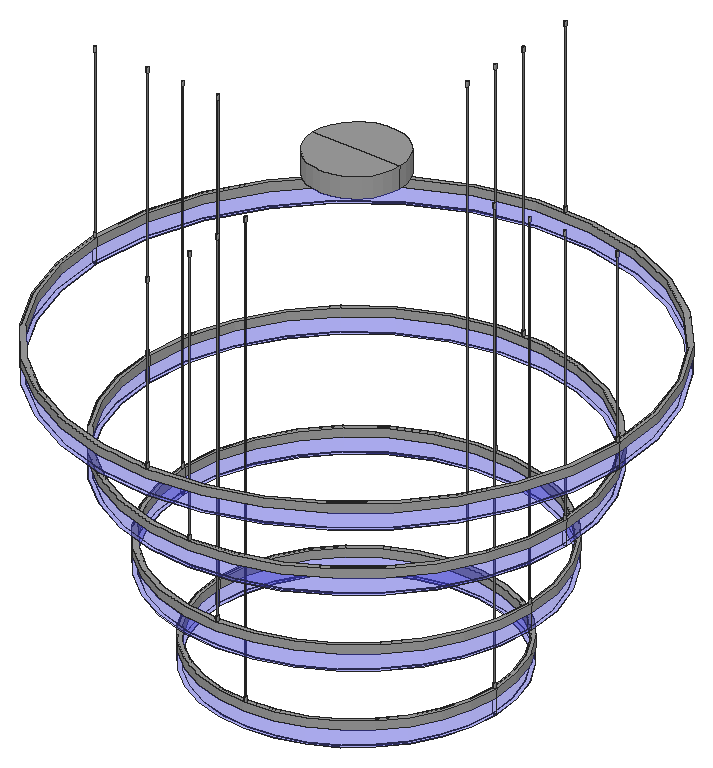
Revit family "Alcon-12272-4-32-40-48-60-Revit-Family", category Generic Models, host Ceiling, Revit 2025
Family settings
  Host = Ceiling
  Can host rebar = No
  Round Connector Dimension = Use Diameter
  Part Type = Normal
  Always vertical = Yes
  Cut with Voids When Loaded = No
  Maintain Annotation Orientation = No
  Shared = No
  Room Calculation Point = No
Parameters
  URL = "https://www.alconlighting.com/?srsltid=AfmBOooDPhGQ0dEP-X2PMtxFfvvWpIAEL4jCll_O2F4_to5onvhnBomy"
  Product Page = "https://www.alconlighting.com/redondo-12272-4.html"
  Model = "12272-4"
  Manufacturer = "Alcon Lighting"
  Lens = Glass
  Housing = Default
  Default Elevation = 0' - 0"
Reference planes (in)
  plane 1 "Center (Front/Back)": y = 0
  plane 2 "Ceiling": z = 96
  plane 3 "Center (Left/Right)": x = 0
Forms (in)
  Revolve 1, solid, material "Default" <- "Housing"
    sketch origin (0, 0, 0) x (1, 0, 0) y (0, 0, 1)
      loop
        line (0, 96) -> (0, 93.75) -> (5, 93.75) -> (5, 96) -> (0, 96)
      axis (0, 96) -> (0, 93.75)
    angle from 0 to 360
  Revolve 2, solid, material "Default" <- "Housing"
    sketch origin (0, 0, -10.03125) x (1, 0, 0) y (0, 0, 1)
      loop
        line (19.5, 66.65) -> (19.5, 65.72813) -> (19.5625, 65.72813) -> (19.5625, 66.5875) -> (19.9375, 66.5875) -> (19.9375, 65.72813) -> (20, 65.72813) -> (20, 66.65) -> (19.5, 66.65)
      axis (0, 65.72813) -> (0, 66.65)
    angle from 0 to 360
  Revolve 3, solid, material "Glass" <- "Lens"
    sketch origin (0, 0, -10.03125) x (1, 0, 0) y (0, 0, 1)
      loop
        line (19.5, 63.89) -> (20, 63.89) -> (20, 65.72813) -> (19.96875, 65.72813) -> (19.96875, 63.92125) -> (19.53125, 63.92125) -> (19.53125, 65.72813) -> (19.5, 65.72813) -> (19.5, 63.89)
      axis (0, 63.89) -> (0, 65.72813)
    angle from 0 to 360
  Revolve 4, solid, material "Default" <- "Housing"
    sketch origin (0, -32.29728, -10.03125) x (0, 1, 0) y (0, 0, 1)
      loop
        line (12.55011, 66.65) -> (12.67511, 66.65) -> (12.67511, 67.1208) -> (12.55011, 67.1208) -> (12.55011, 66.65)
      axis (12.55011, 67.1208) -> (12.55011, 66.65)
    angle from 0 to 360
  Extrusion 5, solid, material "Default" <- "Housing"
    sketch origin (0, -19.74728, 92.90344) x (0, 1, 0) y (1, 0, 0)
      loop
        circle (0, 0) r 0.04922
    from -2.62576 to 35.8139
  Revolve 6, solid, material "Default" <- "Housing"
    sketch origin (0, -32.29728, 28.8792) x (0, 1, 0) y (0, 0, 1)
      loop
        line (12.55011, 66.65) -> (12.67511, 66.65) -> (12.67511, 67.1208) -> (12.55011, 67.1208) -> (12.55011, 66.65)
      axis (12.55011, 67.1208) -> (12.55011, 66.65)
    angle from 0 to 360
  Revolve 7, solid, material "Default" <- "Housing"
    sketch origin (0, 7.19587, -10.03125) x (0, 1, 0) y (0, 0, 1)
      loop
        line (12.55011, 66.65) -> (12.67511, 66.65) -> (12.67511, 67.1208) -> (12.55011, 67.1208) -> (12.55011, 66.65)
      axis (12.55011, 67.1208) -> (12.55011, 66.65)
    angle from 0 to 360
  Extrusion 8, solid, material "Default" <- "Housing"
    sketch origin (0, 19.74587, 92.90344) x (0, 1, 0) y (1, 0, 0)
      loop
        circle (0, 0) r 0.04922
    from -2.62576 to 35.8139
  Revolve 9, solid, material "Default" <- "Housing"
    sketch origin (0, 7.19587, 28.8792) x (0, 1, 0) y (0, 0, 1)
      loop
        line (12.55011, 66.65) -> (12.67511, 66.65) -> (12.67511, 67.1208) -> (12.55011, 67.1208) -> (12.55011, 66.65)
      axis (12.55011, 67.1208) -> (12.55011, 66.65)
    angle from 0 to 360
  Revolve 10, solid, material "Default" <- "Housing"
    sketch origin (19.73156, -12.55011, -10.03125) x (0, 1, 0) y (0, 0, 1)
      loop
        line (12.55011, 66.65) -> (12.67511, 66.65) -> (12.67511, 67.1208) -> (12.55011, 67.1208) -> (12.55011, 66.65)
      axis (12.55011, 67.1208) -> (12.55011, 66.65)
    angle from 0 to 360
  Extrusion 11, solid, material "Default" <- "Housing"
    sketch origin (19.73156, -0.00011, 92.90344) x (0, 1, 0) y (1, 0, 0)
      loop
        circle (0, 0) r 0.04922
    from -2.62576 to 35.8139
  Revolve 12, solid, material "Default" <- "Housing"
    sketch origin (19.73156, -12.55011, 28.8792) x (0, 1, 0) y (0, 0, 1)
      loop
        line (12.55011, 66.65) -> (12.67511, 66.65) -> (12.67511, 67.1208) -> (12.55011, 67.1208) -> (12.55011, 66.65)
      axis (12.55011, 67.1208) -> (12.55011, 66.65)
    angle from 0 to 360
  Revolve 13, solid, material "Default" <- "Housing"
    sketch origin (-19.7654, -12.55011, -10.03125) x (0, 1, 0) y (0, 0, 1)
      loop
        line (12.55011, 66.65) -> (12.67511, 66.65) -> (12.67511, 67.1208) -> (12.55011, 67.1208) -> (12.55011, 66.65)
      axis (12.55011, 67.1208) -> (12.55011, 66.65)
    angle from 0 to 360
  Extrusion 14, solid, material "Default" <- "Housing"
    sketch origin (-19.7654, -0.00011, 92.90344) x (0, 1, 0) y (1, 0, 0)
      loop
        circle (0, 0) r 0.04922
    from -2.62576 to 35.8139
  Revolve 15, solid, material "Default" <- "Housing"
    sketch origin (-19.7654, -12.55011, 28.8792) x (0, 1, 0) y (0, 0, 1)
      loop
        line (12.55011, 66.65) -> (12.67511, 66.65) -> (12.67511, 67.1208) -> (12.55011, 67.1208) -> (12.55011, 66.65)
      axis (12.55011, 67.1208) -> (12.55011, 66.65)
    angle from 0 to 360
  Revolve 16, solid, material "Default" <- "Housing"
    sketch origin (0, 0, -0.03125) x (1, 0, 0) y (0, 0, 1)
      loop
        line (23.5, 66.65) -> (23.5, 65.72813) -> (23.5625, 65.72813) -> (23.5625, 66.5875) -> (23.9375, 66.5875) -> (23.9375, 65.72813) -> (24, 65.72813) -> (24, 66.65) -> (23.5, 66.65)
      axis (0, 65.72813) -> (0, 66.65)
    angle from 0 to 360
  Revolve 17, solid, material "Glass" <- "Lens"
    sketch origin (0, 0, -0.03125) x (1, 0, 0) y (0, 0, 1)
      loop
        line (23.5, 63.89) -> (24, 63.89) -> (24, 65.72813) -> (23.96875, 65.72813) -> (23.96875, 63.92125) -> (23.53125, 63.92125) -> (23.53125, 65.72813) -> (23.5, 65.72813) -> (23.5, 63.89)
      axis (0, 63.89) -> (0, 65.72813)
    angle from 0 to 360
  Revolve 18, solid, material "Default" <- "Housing"
    sketch origin (-23.7654, -12.55011, -0.03125) x (0, 1, 0) y (0, 0, 1)
      loop
        line (12.55011, 66.65) -> (12.67511, 66.65) -> (12.67511, 67.1208) -> (12.55011, 67.1208) -> (12.55011, 66.65)
      axis (12.55011, 67.1208) -> (12.55011, 66.65)
    angle from 0 to 360
  Extrusion 19, solid, material "Default" <- "Housing"
    sketch origin (-23.7654, -0.00011, 102.90344) x (0, 1, 0) y (1, 0, 0)
      loop
        circle (0, 0) r 0.04922
    from 7.37424 to 35.8139
  Revolve 20, solid, material "Default" <- "Housing"
    sketch origin (-23.7654, -12.55011, 28.8792) x (0, 1, 0) y (0, 0, 1)
      loop
        line (12.55011, 66.65) -> (12.67511, 66.65) -> (12.67511, 67.1208) -> (12.55011, 67.1208) -> (12.55011, 66.65)
      axis (12.55011, 67.1208) -> (12.55011, 66.65)
    angle from 0 to 360
  Revolve 21, solid, material "Default" <- "Housing"
    sketch origin (-19.7654, -12.55011, -10.03125) x (0, 1, 0) y (0, 0, 1)
      loop
        line (12.55011, 66.65) -> (12.67511, 66.65) -> (12.67511, 67.1208) -> (12.55011, 67.1208) -> (12.55011, 66.65)
      axis (12.55011, 67.1208) -> (12.55011, 66.65)
    angle from 0 to 360
  Extrusion 22, solid, material "Default" <- "Housing"
    sketch origin (-19.7654, -0.00011, 92.90344) x (0, 1, 0) y (1, 0, 0)
      loop
        circle (0, 0) r 0.04922
    from -2.62576 to 35.8139
  Revolve 23, solid, material "Default" <- "Housing"
    sketch origin (-19.7654, -12.55011, 28.8792) x (0, 1, 0) y (0, 0, 1)
      loop
        line (12.55011, 66.65) -> (12.67511, 66.65) -> (12.67511, 67.1208) -> (12.55011, 67.1208) -> (12.55011, 66.65)
      axis (12.55011, 67.1208) -> (12.55011, 66.65)
    angle from 0 to 360
  Revolve 24, solid, material "Default" <- "Housing"
    sketch origin (23.7346, -12.55011, -0.03125) x (0, 1, 0) y (0, 0, 1)
      loop
        line (12.55011, 66.65) -> (12.67511, 66.65) -> (12.67511, 67.1208) -> (12.55011, 67.1208) -> (12.55011, 66.65)
      axis (12.55011, 67.1208) -> (12.55011, 66.65)
    angle from 0 to 360
  Extrusion 25, solid, material "Default" <- "Housing"
    sketch origin (23.7346, -0.00011, 102.90344) x (0, 1, 0) y (1, 0, 0)
      loop
        circle (0, 0) r 0.04922
    from 7.37424 to 35.8139
  Revolve 26, solid, material "Default" <- "Housing"
    sketch origin (23.7346, -12.55011, 28.8792) x (0, 1, 0) y (0, 0, 1)
      loop
        line (12.55011, 66.65) -> (12.67511, 66.65) -> (12.67511, 67.1208) -> (12.55011, 67.1208) -> (12.55011, 66.65)
      axis (12.55011, 67.1208) -> (12.55011, 66.65)
    angle from 0 to 360
  Revolve 27, solid, material "Default" <- "Housing"
    sketch origin (0, 11.19989, -0.03125) x (0, 1, 0) y (0, 0, 1)
      loop
        line (12.55011, 66.65) -> (12.67511, 66.65) -> (12.67511, 67.1208) -> (12.55011, 67.1208) -> (12.55011, 66.65)
      axis (12.55011, 67.1208) -> (12.55011, 66.65)
    angle from 0 to 360
  Extrusion 28, solid, material "Default" <- "Housing"
    sketch origin (0, 23.74989, 102.90344) x (0, 1, 0) y (1, 0, 0)
      loop
        circle (0, 0) r 0.04922
    from 7.37424 to 35.8139
  Revolve 29, solid, material "Default" <- "Housing"
    sketch origin (0, 11.19989, 28.8792) x (0, 1, 0) y (0, 0, 1)
      loop
        line (12.55011, 66.65) -> (12.67511, 66.65) -> (12.67511, 67.1208) -> (12.55011, 67.1208) -> (12.55011, 66.65)
      axis (12.55011, 67.1208) -> (12.55011, 66.65)
    angle from 0 to 360
  Revolve 30, solid, material "Default" <- "Housing"
    sketch origin (0, -36.30011, -0.03125) x (0, 1, 0) y (0, 0, 1)
      loop
        line (12.55011, 66.65) -> (12.67511, 66.65) -> (12.67511, 67.1208) -> (12.55011, 67.1208) -> (12.55011, 66.65)
      axis (12.55011, 67.1208) -> (12.55011, 66.65)
    angle from 0 to 360
  Extrusion 31, solid, material "Default" <- "Housing"
    sketch origin (0, -23.75011, 102.90344) x (0, 1, 0) y (1, 0, 0)
      loop
        circle (0, 0) r 0.04922
    from 7.37424 to 35.8139
  Revolve 32, solid, material "Default" <- "Housing"
    sketch origin (0, -36.30011, 28.8792) x (0, 1, 0) y (0, 0, 1)
      loop
        line (12.55011, 66.65) -> (12.67511, 66.65) -> (12.67511, 67.1208) -> (12.55011, 67.1208) -> (12.55011, 66.65)
      axis (12.55011, 67.1208) -> (12.55011, 66.65)
    angle from 0 to 360
  Revolve 33, solid, material "Default" <- "Housing"
    sketch origin (0, 0, -20.03125) x (1, 0, 0) y (0, 0, 1)
      loop
        line (15.5, 66.65) -> (15.5, 65.72813) -> (15.5625, 65.72813) -> (15.5625, 66.5875) -> (15.9375, 66.5875) -> (15.9375, 65.72813) -> (16, 65.72813) -> (16, 66.65) -> (15.5, 66.65)
      axis (0, 65.72813) -> (0, 66.65)
    angle from 0 to 360
  Revolve 34, solid, material "Glass" <- "Lens"
    sketch origin (0, 0, -20.03125) x (1, 0, 0) y (0, 0, 1)
      loop
        line (15.5, 63.89) -> (16, 63.89) -> (16, 65.72813) -> (15.96875, 65.72813) -> (15.96875, 63.92125) -> (15.53125, 63.92125) -> (15.53125, 65.72813) -> (15.5, 65.72813) -> (15.5, 63.89)
      axis (0, 63.89) -> (0, 65.72813)
    angle from 0 to 360
  Revolve 35, solid, material "Default" <- "Housing"
    sketch origin (15.73156, -12.55011, -20.03125) x (0, 1, 0) y (0, 0, 1)
      loop
        line (12.55011, 66.65) -> (12.67511, 66.65) -> (12.67511, 67.1208) -> (12.55011, 67.1208) -> (12.55011, 66.65)
      axis (12.55011, 67.1208) -> (12.55011, 66.65)
    angle from 0 to 360
  Extrusion 36, solid, material "Default" <- "Housing"
    sketch origin (15.73156, -0.00011, 92.90344) x (0, 1, 0) y (1, 0, 0)
      loop
        circle (0, 0) r 0.04922
    from -2.62576 to 45.8139
  Revolve 37, solid, material "Default" <- "Housing"
    sketch origin (15.73156, -12.55011, 28.8792) x (0, 1, 0) y (0, 0, 1)
      loop
        line (12.55011, 66.65) -> (12.67511, 66.65) -> (12.67511, 67.1208) -> (12.55011, 67.1208) -> (12.55011, 66.65)
      axis (12.55011, 67.1208) -> (12.55011, 66.65)
    angle from 0 to 360
  Revolve 38, solid, material "Default" <- "Housing"
    sketch origin (-15.76844, -12.55011, -20.03125) x (0, 1, 0) y (0, 0, 1)
      loop
        line (12.55011, 66.65) -> (12.67511, 66.65) -> (12.67511, 67.1208) -> (12.55011, 67.1208) -> (12.55011, 66.65)
      axis (12.55011, 67.1208) -> (12.55011, 66.65)
    angle from 0 to 360
  Extrusion 39, solid, material "Default" <- "Housing"
    sketch origin (-15.76844, -0.00011, 92.90344) x (0, 1, 0) y (1, 0, 0)
      loop
        circle (0, 0) r 0.04922
    from -2.62576 to 45.8139
  Revolve 40, solid, material "Default" <- "Housing"
    sketch origin (-15.76844, -12.55011, 28.8792) x (0, 1, 0) y (0, 0, 1)
      loop
        line (12.55011, 66.65) -> (12.67511, 66.65) -> (12.67511, 67.1208) -> (12.55011, 67.1208) -> (12.55011, 66.65)
      axis (12.55011, 67.1208) -> (12.55011, 66.65)
    angle from 0 to 360
  Revolve 41, solid, material "Default" <- "Housing"
    sketch origin (0, 3.19989, -20.03125) x (0, 1, 0) y (0, 0, 1)
      loop
        line (12.55011, 66.65) -> (12.67511, 66.65) -> (12.67511, 67.1208) -> (12.55011, 67.1208) -> (12.55011, 66.65)
      axis (12.55011, 67.1208) -> (12.55011, 66.65)
    angle from 0 to 360
  Extrusion 42, solid, material "Default" <- "Housing"
    sketch origin (0, 15.74989, 92.90344) x (0, 1, 0) y (1, 0, 0)
      loop
        circle (0, 0) r 0.04922
    from -2.62576 to 45.8139
  Revolve 43, solid, material "Default" <- "Housing"
    sketch origin (0, 3.19989, 28.8792) x (0, 1, 0) y (0, 0, 1)
      loop
        line (12.55011, 66.65) -> (12.67511, 66.65) -> (12.67511, 67.1208) -> (12.55011, 67.1208) -> (12.55011, 66.65)
      axis (12.55011, 67.1208) -> (12.55011, 66.65)
    angle from 0 to 360
  Revolve 44, solid, material "Default" <- "Housing"
    sketch origin (0, -28.30011, -20.03125) x (0, 1, 0) y (0, 0, 1)
      loop
        line (12.55011, 66.65) -> (12.67511, 66.65) -> (12.67511, 67.1208) -> (12.55011, 67.1208) -> (12.55011, 66.65)
      axis (12.55011, 67.1208) -> (12.55011, 66.65)
    angle from 0 to 360
  Extrusion 45, solid, material "Default" <- "Housing"
    sketch origin (0, -15.75011, 92.90344) x (0, 1, 0) y (1, 0, 0)
      loop
        circle (0, 0) r 0.04922
    from -2.62576 to 45.8139
  Revolve 46, solid, material "Default" <- "Housing"
    sketch origin (0, -28.30011, 28.8792) x (0, 1, 0) y (0, 0, 1)
      loop
        line (12.55011, 66.65) -> (12.67511, 66.65) -> (12.67511, 67.1208) -> (12.55011, 67.1208) -> (12.55011, 66.65)
      axis (12.55011, 67.1208) -> (12.55011, 66.65)
    angle from 0 to 360
  Revolve 47, solid, material "Default" <- "Housing"
    sketch origin (0, 0, 9.96875) x (1, 0, 0) y (0, 0, 1)
      loop
        line (29.5, 66.65) -> (29.5, 65.72813) -> (29.5625, 65.72813) -> (29.5625, 66.5875) -> (29.9375, 66.5875) -> (29.9375, 65.72813) -> (30, 65.72813) -> (30, 66.65) -> (29.5, 66.65)
      axis (0, 65.72813) -> (0, 66.65)
    angle from 0 to 360
  Revolve 48, solid, material "Glass" <- "Lens"
    sketch origin (0, 0, 9.96875) x (1, 0, 0) y (0, 0, 1)
      loop
        line (29.5, 63.89) -> (30, 63.89) -> (30, 65.72813) -> (29.96875, 65.72813) -> (29.96875, 63.92125) -> (29.53125, 63.92125) -> (29.53125, 65.72813) -> (29.5, 65.72813) -> (29.5, 63.89)
      axis (0, 63.89) -> (0, 65.72813)
    angle from 0 to 360
  Revolve 49, solid, material "Default" <- "Housing"
    sketch origin (-29.7654, -12.55011, 9.96875) x (0, 1, 0) y (0, 0, 1)
      loop
        line (12.55011, 66.65) -> (12.67511, 66.65) -> (12.67511, 67.1208) -> (12.55011, 67.1208) -> (12.55011, 66.65)
      axis (12.55011, 67.1208) -> (12.55011, 66.65)
    angle from 0 to 360
  Extrusion 50, solid, material "Default" <- "Housing"
    sketch origin (-29.7654, -0.00011, 112.90344) x (0, 1, 0) y (1, 0, 0)
      loop
        circle (0, 0) r 0.04922
    from 17.37424 to 35.8139
  Revolve 51, solid, material "Default" <- "Housing"
    sketch origin (-29.7654, -12.55011, 28.8792) x (0, 1, 0) y (0, 0, 1)
      loop
        line (12.55011, 66.65) -> (12.67511, 66.65) -> (12.67511, 67.1208) -> (12.55011, 67.1208) -> (12.55011, 66.65)
      axis (12.55011, 67.1208) -> (12.55011, 66.65)
    angle from 0 to 360
  Revolve 52, solid, material "Default" <- "Housing"
    sketch origin (29.7346, -12.55011, 9.96875) x (0, 1, 0) y (0, 0, 1)
      loop
        line (12.55011, 66.65) -> (12.67511, 66.65) -> (12.67511, 67.1208) -> (12.55011, 67.1208) -> (12.55011, 66.65)
      axis (12.55011, 67.1208) -> (12.55011, 66.65)
    angle from 0 to 360
  Extrusion 53, solid, material "Default" <- "Housing"
    sketch origin (29.7346, -0.00011, 112.90344) x (0, 1, 0) y (1, 0, 0)
      loop
        circle (0, 0) r 0.04922
    from 17.37424 to 35.8139
  Revolve 54, solid, material "Default" <- "Housing"
    sketch origin (29.7346, -12.55011, 28.8792) x (0, 1, 0) y (0, 0, 1)
      loop
        line (12.55011, 66.65) -> (12.67511, 66.65) -> (12.67511, 67.1208) -> (12.55011, 67.1208) -> (12.55011, 66.65)
      axis (12.55011, 67.1208) -> (12.55011, 66.65)
    angle from 0 to 360
  Revolve 55, solid, material "Default" <- "Housing"
    sketch origin (0, 17.19989, 9.96875) x (0, 1, 0) y (0, 0, 1)
      loop
        line (12.55011, 66.65) -> (12.67511, 66.65) -> (12.67511, 67.1208) -> (12.55011, 67.1208) -> (12.55011, 66.65)
      axis (12.55011, 67.1208) -> (12.55011, 66.65)
    angle from 0 to 360
  Extrusion 56, solid, material "Default" <- "Housing"
    sketch origin (0, 29.74989, 112.90344) x (0, 1, 0) y (1, 0, 0)
      loop
        circle (0, 0) r 0.04922
    from 17.37424 to 35.8139
  Revolve 57, solid, material "Default" <- "Housing"
    sketch origin (0, 17.19989, 28.8792) x (0, 1, 0) y (0, 0, 1)
      loop
        line (12.55011, 66.65) -> (12.67511, 66.65) -> (12.67511, 67.1208) -> (12.55011, 67.1208) -> (12.55011, 66.65)
      axis (12.55011, 67.1208) -> (12.55011, 66.65)
    angle from 0 to 360
  Revolve 58, solid, material "Default" <- "Housing"
    sketch origin (0, -42.30011, 9.96875) x (0, 1, 0) y (0, 0, 1)
      loop
        line (12.55011, 66.65) -> (12.67511, 66.65) -> (12.67511, 67.1208) -> (12.55011, 67.1208) -> (12.55011, 66.65)
      axis (12.55011, 67.1208) -> (12.55011, 66.65)
    angle from 0 to 360
  Extrusion 59, solid, material "Default" <- "Housing"
    sketch origin (0, -29.75011, 112.90344) x (0, 1, 0) y (1, 0, 0)
      loop
        circle (0, 0) r 0.04922
    from 17.37424 to 35.8139
  Revolve 60, solid, material "Default" <- "Housing"
    sketch origin (0, -42.30011, 28.8792) x (0, 1, 0) y (0, 0, 1)
      loop
        line (12.55011, 66.65) -> (12.67511, 66.65) -> (12.67511, 67.1208) -> (12.55011, 67.1208) -> (12.55011, 66.65)
      axis (12.55011, 67.1208) -> (12.55011, 66.65)
    angle from 0 to 360
Dimensions and locks (in)
  equal spacing: host sketch curve, plane 3 "Center (Left/Right)", host sketch curve
  equal spacing: host sketch curve, plane 1 "Center (Front/Back)", host sketch curve
  host sketch curve to host sketch curve = 10' - 0"  (x2)
  aligned and locked: Extrusion 5 to Revolve 4
  aligned and locked: Revolve 6 to Extrusion 5
  aligned and locked: Extrusion 8 to Revolve 7
  aligned and locked: Revolve 9 to Extrusion 8
  aligned and locked: Extrusion 11 to Revolve 10
  aligned and locked: Revolve 12 to Extrusion 11
  aligned and locked: Extrusion 14 to Revolve 13
  aligned and locked: Extrusion 19 to Revolve 18
  aligned and locked: Revolve 20 to Extrusion 19
  aligned and locked: Extrusion 22 to Revolve 21
  aligned and locked: Extrusion 25 to Revolve 24
  aligned and locked: Revolve 26 to Extrusion 25
  aligned and locked: Extrusion 28 to Revolve 27
  aligned and locked: Revolve 29 to Extrusion 28
  aligned and locked: Extrusion 31 to Revolve 30
  aligned and locked: Revolve 32 to Extrusion 31
  aligned and locked: Extrusion 36 to Revolve 35
  aligned and locked: Revolve 37 to Extrusion 36
  aligned and locked: Extrusion 39 to Revolve 38
  aligned and locked: Revolve 40 to Extrusion 39
  aligned and locked: Extrusion 42 to Revolve 41
  aligned and locked: Revolve 43 to Extrusion 42
  aligned and locked: Extrusion 45 to Revolve 44
  aligned and locked: Revolve 46 to Extrusion 45
  aligned and locked: Extrusion 50 to Revolve 49
  aligned and locked: Revolve 51 to Extrusion 50
  aligned and locked: Extrusion 53 to Revolve 52
  aligned and locked: Revolve 54 to Extrusion 53
  aligned and locked: Extrusion 56 to Revolve 55
  aligned and locked: Revolve 57 to Extrusion 56
  aligned and locked: Extrusion 59 to Revolve 58
  aligned and locked: Revolve 60 to Extrusion 59
